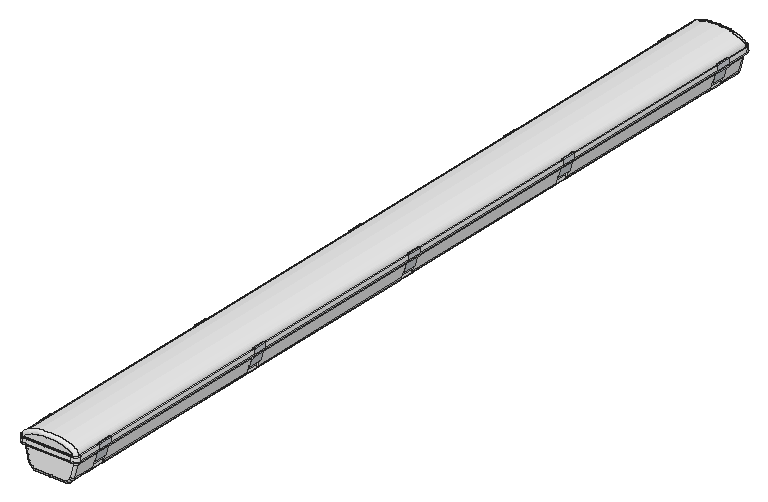
Revit family "0067974 Sylvania Lighting Fixture START Waterproof Twin 1500 IP65 7100lm 840 QC", category Lighting Fixtures, host Face, Revit 2016
Family settings
  Host = Face
  Part Type = Normal
  Round Connector Dimension = Use Diameter
  OmniClass Number = 23.80.70.11.14
  OmniClass Title = General Luminaries, Directional
  Cut with Voids When Loaded = No
  Light Source = Yes
  Shared = No
  Room Calculation Point = No
Parameters (values of type "0067974 ST WTRPRF T 1500 IP65 7100LM 840 QC")
  Width = 110 mm
  Weight = "2.44 kg"
  Wattage Comments = "n/a"
  Wattage = 58 W
  WarrantyStartDate [instance] = "n/a"
  WarrantyGuarantorParts = "n/a"
  WarrantyDurationUnit = "n/a"
  WarrantyDurationParts = "n/a"
  WarrantyDescription = "n/a"
  built-in parameter 1150110 = 1 (stored number, unit not read)
  Voltage = 0 V
  URL = "http://www.sylvania-lighting.com"
  TypeName = "START Waterproof Twin 1500 IP65 7100lm 840 QC"
  Type Image = <None>
  Type Comments = "n/a"
  built-in parameter 1114217 = 1 (stored number, unit not read)
  Tilt Angle = -90.00°
  built-in parameter 1150109 = 1 (stored number, unit not read)
  built-in parameter 1150134 = 12
  built-in parameter 1150113 = 1 (stored number, unit not read)
  SerialNumber [instance] = "n/a"
  ReflectorMaterial = none
  PowerFactor = 0
  PowerConsumption = "58 W"
  Photometric Web File = "0067974.ies"
  NominalWidth = 0 mm
  NominalLength = 1578 mm
  NominalHeight = 78 mm
  Name = "START Waterproof Twin 1500 IP65 7100lm 840 QC"
  ModelReference = "START Waterproof Twin 1500 IP65 7100lm 840 QC"
  ModelNumber = "0067974"
  Model = "START Waterproof Twin 1500 IP65 7100lm 840 QC"
  Material = "polycarbonate housing, polycarbonate diffuser"
  ManufacturerName = "Feilo Sylvania"
  Manufacturer = "Feilo Sylvania"
  LuminousEfficacy = "122 lm/W"
  built-in parameter 1150105 = 563.09 (stored number, unit not read)
  Lumens = 7076 lm
  LuminaireType = ""
  built-in parameter 1150115 = 1 (stored number, unit not read)
  LightOutputRatio = "n/a"
  built-in parameter 1150137 = (empty or 0)
  built-in parameter 1150139 = (empty or 0)
  Length = 1572 mm
  LampsType = Lamp  # "LED"
  LampNominalLuminous = "7050 lm"
  LampMacAdamStep = "n/a"
  LampColourTemperature = "4000 K"
  LampColourRenderingIndex = "80"
  built-in parameter 1150112 = 1 (stored number, unit not read)
  built-in parameter 1150114 = 1 (stored number, unit not read)
  Lamp = "LED"
  Keynote = "16500"
  InstallationDate [instance] = "n/a"
  InputVoltage = "n/a"
  InputNominalFrequency = "n/a"
  built-in parameter 1150132 = (empty or 0)
  built-in parameter 1150102 = (empty or 0)
  built-in parameter 1150107 = 4000 (stored number, unit not read)
  built-in parameter 1150138 = (empty or 0)
  IngressProtection = "IP65"
  ImpactProtectionIndex = "IK08"
  built-in parameter 1150106 = 5.6309 (stored number, unit not read)
  IfcExportType = "IfcLightFixtureType"
  IfcExportAs = "IfcLightFixtureType"
  ExpectedLife = 50000
  Emit from Rectangle Width = Width - 20 mm  # 90 mm
  Emit from Rectangle Length = Length - 20 mm  # 1552 mm
  Emit Shape Visible in Rendering = no
  ElectricShockClassification = "Class I"
  built-in parameter 1150104 = 11.334 (stored number, unit not read)
  DurationUnit = "hours"
  DocumentationLiterature = "http://www.sylvania-lighting.com/product/en-int/products/0067974"
  DimmingControlOptions = "n/a"
  Dimming Lamp Color Temperature Shift = <None>
  DiffuserMaterial = Diffuser-Sylvania-Transparent
  Description = ""
  Default Elevation = 1219.2 mm
  CreatedOn = "11/27/2018"
  CreatedBy = "@sylvania-lighting.com"
  Cost = 0
  Color Filter = 16777215
  built-in parameter 1114216 [instance] = (empty or 0)
  ClassificationValue = "EF_70_80"
  ClassificationName = "Uniclass2015"
  BodyMaterial = Body-Sylvania-Gray
  BarCode [instance] = "n/a"
  built-in parameter 1114218 = 1 (stored number, unit not read)
  built-in parameter 1150133 = 10 (stored number, unit not read)
  AssetType = "Fixed"
  AssetIdentifier [instance] = "n/a"
  Assembly Code = "D5020200"
  Apparent Load = 58 VA
  AccessoryMaterial = Diffuser-Sylvania-Glow
Reference planes
  plane 1 "Center (Front/Back)": y = 0
  plane 2: z = 0
  plane 3 "Center (Left/Right)": x = 0
  plane 4: z = 54
  plane 5: x = -27.7
  plane 6: x = -34.8
  plane 7: x = -39.6
  plane 8: x = -42.2
  plane 9: z = 3
  plane 10: z = 7.8
  plane 11: z = 12.3
  plane 12: z = 36.6
  plane 13: z = 42.8
  plane 14: x = -51.1
  plane 15: z = 46.2
  plane 16: x = -55
  plane 17: y = 786
  plane 18: y = -786
  plane 19: x = 27.7
  plane 20: x = 34.8
  plane 21: x = 39.6
  plane 22: x = 42.2
  plane 23: x = 51.1
  plane 24: x = 55
  plane 25: y = 778.4
  plane 26: y = -778.4
  plane 27: y = -774.7
  plane 28: y = 774.7
  plane 29: z = 74
  plane 30: x = -51.5
  plane 31: x = 51.5
  plane 32: z = 55.2
  plane 33: y = -782.5
  plane 34: y = 782.5
  plane 35: x = -37.5
  plane 36: x = 37.5
  plane 37: x = -48.7
  plane 38: x = 48.7
  plane 39: x = 18
  plane 40: x = -18
  plane 41: z = 50.2
  plane 42: z = 24.6
  plane 43: y = 720
  plane 44: y = 706
  plane 45: y = 734
  plane 46: y = -720
  plane 47: y = 720
  plane 48: y = 706
  plane 49: y = 734
  plane 50: y = -720
  plane 51: y = -734
  plane 52: y = -706
  plane 53: y = 360
  plane 54: y = 346
  plane 55: y = 374
  plane 56: y = 0
  plane 57: y = -14
  plane 58: y = 14
  plane 59: y = -360
  plane 60: y = -374
  plane 61: y = -346
Forms (mm)
  Sweep 1, solid, material "Body-Sylvania-Gray" <- "BodyMaterial", detail levels medium+fine
    path origin (1223.4, -4572, 54) x (0, -1, 0) y (1, 0, 0)
      loop
        arc (-3796, -1278.4) -> (-3788.929, -1275.471) -> (-3786, -1268.4) r 10
        line (-3786, -1268.4) -> (-3786, -1178.4)
        arc (-3786, -1178.4) -> (-3788.929, -1171.329) -> (-3796, -1168.4) r 10
        line (-3796, -1168.4) -> (-5348, -1168.4)
        arc (-5348, -1168.4) -> (-5355.071, -1171.329) -> (-5358, -1178.4) r 10
        line (-5358, -1178.4) -> (-5358, -1268.4)
        arc (-5358, -1268.4) -> (-5355.071, -1275.471) -> (-5348, -1278.4) r 10
        line (-5348, -1278.4) -> (-3796, -1278.4)
    profile origin (-55, 0, 54) x (-1, 0, 0) y (0, 0, 1)
      loop
        line (0, 0) -> (-1, 0) -> (-1, -7.726)
        arc (-1, -7.726) -> (-1.994, -9.498) -> (-3.9, -10.2) r 2.937
        line (-3.9, -10.2) -> (-8.571, -10.2) -> (-8.571, -11.2) -> (-3.9, -11.2)
        arc (-3.9, -11.2) -> (-1.313, -10.231) -> (0, -7.8) r 3.937
        line (0, -7.8) -> (0, 0)
  Sweep 2, solid, material "Body-Sylvania-Gray" <- "BodyMaterial", detail levels medium+fine
    path origin (0, 0, 0) x (1, 0, 0) y (0, 0, 1)
      loop
        line (48.7, 42.8) -> (48.7, 36.6) -> (42.203, 12.31)
        arc (42.203, 12.31) -> (41.199, 9.884) -> (39.6, 7.8) r 10.052
        line (39.6, 7.8) -> (34.8, 3)
        arc (34.8, 3) -> (31.554, 0.781) -> (27.7, 0) r 9.902
        line (27.7, 0) -> (0, 0) -> (-27.7, 0)
        arc (-27.7, 0) -> (-31.554, 0.781) -> (-34.8, 3) r 9.902
        line (-34.8, 3) -> (-39.6, 7.8)
        arc (-39.6, 7.8) -> (-41.199, 9.884) -> (-42.203, 12.31) r 10.052
        line (-42.203, 12.31) -> (-48.7, 36.6) -> (-48.7, 42.8)
    profile origin (0, 0, 0) x (0, 0, -1) y (0, -1, 0)
      loop
        arc (0, 773.4) -> (-1.464, 776.936) -> (-5, 778.4) r 5
        line (-5, 778.4) -> (-7.8, 778.4) -> (-7.8, -778.4) -> (-5, -778.4)
        arc (-5, -778.4) -> (-1.464, -776.936) -> (0, -773.4) r 5
        line (0, -773.4) -> (0, 773.4)
  Extrusion 3, solid, material "Body-Sylvania-Gray" <- "BodyMaterial", detail levels medium+fine
    sketch origin (1524, 778.4, 1219.2) x (1, 0, 0) y (0, 0, 1)
      loop
        arc (-1558.668, -1204.874) -> (-1558.443, -1205.418) -> (-1558.085, -1205.885) r 2.252
        line (-1558.085, -1205.885) -> (-1553.231, -1210.738)
        arc (-1553.231, -1210.738) -> (-1552.534, -1211.227) -> (-1551.7, -1211.4) r 2.102
        line (-1551.7, -1211.4) -> (-1496.3, -1211.4)
        arc (-1496.3, -1211.4) -> (-1495.466, -1211.227) -> (-1494.769, -1210.738) r 2.102
        line (-1494.769, -1210.738) -> (-1489.915, -1205.885)
        arc (-1489.915, -1205.885) -> (-1489.557, -1205.418) -> (-1489.332, -1204.874) r 2.252
        line (-1489.332, -1204.874) -> (-1483.1, -1181.575) -> (-1483.1, -1176.4) -> (-1564.9, -1176.4) -> (-1564.9, -1181.575) -> (-1558.668, -1204.874)
    from 0 to 1556.8
  Sweep 4, solid, material "Diffuser-Sylvania-Transparent" <- "DiffuserMaterial", detail levels medium+fine
    path origin (0, 0, 0) x (1, 0, 0) y (0, 0, 1)
      loop
        spline (-51.5, 55.2) -> (-49.745, 60.066) -> (-44.6, 64.6) -> (-36.416, 68.494) -> (-25.75, 71.481) -> (-13.329, 73.359) -> (0, 74) -> (13.329, 73.359) -> (25.75, 71.481) -> (36.416, 68.494) -> (44.6, 64.6) -> (49.745, 60.066) -> (51.5, 55.2)
    profile origin (51.5, 0, 55.2) x (0, -1, 0) y (1, 0, 0)
      loop
        arc (782.5, -5.5) -> (780.889, -1.611) -> (777, 0) r 5.5
        line (777, 0) -> (-777, 0)
        arc (-777, 0) -> (-780.889, -1.611) -> (-782.5, -5.5) r 5.5
        line (-782.5, -5.5) -> (-782.5, -6.3) -> (-781.5, -6.3) -> (-781.5, -5.5)
        arc (-781.5, -5.5) -> (-780.182, -2.318) -> (-777, -1) r 4.5
        line (-777, -1) -> (777, -1)
        arc (777, -1) -> (780.182, -2.318) -> (781.5, -5.5) r 4.5
        line (781.5, -5.5) -> (781.5, -6.347) -> (782.5, -6.347) -> (782.5, -5.5)
  Extrusion 5, solid, material "Diffuser-Sylvania-Transparent" <- "DiffuserMaterial", detail levels medium+fine
    sketch origin (1524, -782.5, 1219.2) x (1, 0, 0) y (0, 0, 1)
      loop
        line (-1569.653, -1164) -> (-1478.347, -1164)
        spline (-1478.347, -1164) -> (-1478.969, -1162.594) -> (-1482.527, -1159.545) -> (-1489.588, -1156.201) -> (-1499.458, -1153.445) -> (-1511.242, -1151.663) -> (-1524, -1151.049) -> (-1536.758, -1151.663) -> (-1548.542, -1153.445) -> (-1558.412, -1156.201) -> (-1565.473, -1159.545) -> (-1569.031, -1162.594) -> (-1569.653, -1164)
    from 0 to -1
  Extrusion 6, solid, material "Diffuser-Sylvania-Transparent" <- "DiffuserMaterial", detail levels medium+fine
    sketch origin (1524, 782.5, 1219.2) x (1, 0, 0) y (0, 0, 1)
      loop
        spline (-1478.3, -1164) -> (-1478.931, -1162.565) -> (-1482.502, -1159.505) -> (-1489.572, -1156.155) -> (-1499.446, -1153.394) -> (-1511.236, -1151.614) -> (-1524, -1151.007) -> (-1536.764, -1151.614) -> (-1548.554, -1153.394) -> (-1558.428, -1156.155) -> (-1565.498, -1159.505) -> (-1569.069, -1162.565) -> (-1569.7, -1164)
        line (-1569.7, -1164) -> (-1478.3, -1164)
    from 0 to 1
  Extrusion 7, solid, material "Diffuser-Sylvania-Transparent" <- "DiffuserMaterial", detail levels medium+fine
    sketch origin (1223.4, -4572, 55.2) x (0, -1, 0) y (-1, 0, 0)
      loop
        arc (-5353.5, 1177.4) -> (-5352.182, 1174.218) -> (-5349, 1172.9) r 4.5
        line (-5349, 1172.9) -> (-3795, 1172.9)
        arc (-3795, 1172.9) -> (-3791.818, 1174.218) -> (-3790.5, 1177.4) r 4.5
        line (-3790.5, 1177.4) -> (-3790.5, 1269.4)
        arc (-3790.5, 1269.4) -> (-3791.818, 1272.582) -> (-3795, 1273.9) r 4.5
        line (-3795, 1273.9) -> (-5349, 1273.9)
        arc (-5349, 1273.9) -> (-5352.182, 1272.582) -> (-5353.5, 1269.4) r 4.5
        line (-5353.5, 1269.4) -> (-5353.5, 1177.4)
      loop
        line (-5358, 1268.4) -> (-5358, 1178.4)
        arc (-5358, 1178.4) -> (-5355.071, 1171.329) -> (-5348, 1168.4) r 10
        line (-5348, 1168.4) -> (-3796, 1168.4)
        arc (-3796, 1168.4) -> (-3788.929, 1171.329) -> (-3786, 1178.4) r 10
        line (-3786, 1178.4) -> (-3786, 1268.4)
        arc (-3786, 1268.4) -> (-3788.929, 1275.471) -> (-3796, 1278.4) r 10
        line (-3796, 1278.4) -> (-5348, 1278.4)
        arc (-5348, 1278.4) -> (-5355.071, 1275.471) -> (-5358, 1268.4) r 10
    from 0 to 1.2
  Extrusion 8, solid, material "Diffuser-Sylvania-Glow" <- "AccessoryMaterial", detail levels fine
    sketch origin (0, 0, 0) x (1, 0, 0) y (0, 0, 1)
      loop
        circle (-18, 50.2) r 8
      loop
        circle (18, 50.2) r 8
    from -774.7 to 774.7
  Extrusion 9, void
    sketch origin (0, 720, 2343.807) x (0, 0, -1) y (-1, 0, 0)
      loop
        line (2340.807, -37.5) -> (2331.507, -37.5) -> (2319.207, -42.2) -> (2319.207, -48.7) -> (2340.807, -48.7) -> (2340.807, -37.5)
      loop
        line (2340.807, 37.5) -> (2340.807, 48.7) -> (2319.207, 48.7) -> (2319.207, 42.2) -> (2331.507, 37.5) -> (2340.807, 37.5)
    from -14 to 14
  Extrusion 10, solid, material "Body-Sylvania-Gray" <- "BodyMaterial", detail levels coarse
    sketch origin (0, 0, 0) x (1, 0, 0) y (0, 0, 1)
      loop
        line (55, 42.8) -> (55, 55.2) -> (-55, 55.2) -> (-55, 42.791) -> (-42.2, 0) -> (42.2, 0) -> (55, 42.8)
    from -786 to 786
  Extrusion 11, solid, material "Diffuser-Sylvania-Transparent" <- "DiffuserMaterial", detail levels coarse
    sketch origin (0, 0, 0) x (1, 0, 0) y (0, 0, 1)
      loop
        arc (51.5, 55.2) -> (0, 74) -> (-51.5, 55.2) r 79.939
        line (-51.5, 55.2) -> (51.5, 55.2)
    from 778.4 to -778.4
  Extrusion 12, void, not visible
    sketch origin (0, 720, 2343.807) x (0, 0, -1) y (-1, 0, 0)
      loop
        line (2340.807, -37.5) -> (2331.507, -37.5) -> (2319.207, -42.2) -> (2319.207, -48.7) -> (2340.807, -48.7) -> (2340.807, -37.5)
      loop
        line (2340.807, 37.5) -> (2340.807, 48.7) -> (2319.207, 48.7) -> (2319.207, 42.2) -> (2331.507, 37.5) -> (2340.807, 37.5)
    from -14 to 14
  Extrusion 13, void
    sketch origin (0, -720, 2343.807) x (0, 0, -1) y (-1, 0, 0)
      loop
        line (2340.807, -37.5) -> (2331.507, -37.5) -> (2319.207, -42.2) -> (2319.207, -48.7) -> (2340.807, -48.7) -> (2340.807, -37.5)
      loop
        line (2340.807, 37.5) -> (2340.807, 48.7) -> (2319.207, 48.7) -> (2319.207, 42.2) -> (2331.507, 37.5) -> (2340.807, 37.5)
    from -14 to 14
  Extrusion 14, void
    sketch origin (0, 360, 2343.807) x (0, 0, -1) y (-1, 0, 0)
      loop
        line (2340.807, -37.5) -> (2331.507, -37.5) -> (2319.207, -42.2) -> (2319.207, -48.7) -> (2340.807, -48.7) -> (2340.807, -37.5)
      loop
        line (2340.807, 37.5) -> (2340.807, 48.7) -> (2319.207, 48.7) -> (2319.207, 42.2) -> (2331.507, 37.5) -> (2340.807, 37.5)
    from -14 to 14
  Extrusion 15, void
    sketch origin (0, 0, 2343.807) x (0, 0, -1) y (-1, 0, 0)
      loop
        line (2340.807, -37.5) -> (2331.507, -37.5) -> (2319.207, -42.2) -> (2319.207, -48.7) -> (2340.807, -48.7) -> (2340.807, -37.5)
      loop
        line (2340.807, 37.5) -> (2340.807, 48.7) -> (2319.207, 48.7) -> (2319.207, 42.2) -> (2331.507, 37.5) -> (2340.807, 37.5)
    from -14 to 14
  Extrusion 16, void
    sketch origin (0, -360, 2343.807) x (0, 0, -1) y (-1, 0, 0)
      loop
        line (2340.807, -37.5) -> (2331.507, -37.5) -> (2319.207, -42.2) -> (2319.207, -48.7) -> (2340.807, -48.7) -> (2340.807, -37.5)
      loop
        line (2340.807, 37.5) -> (2340.807, 48.7) -> (2319.207, 48.7) -> (2319.207, 42.2) -> (2331.507, 37.5) -> (2340.807, 37.5)
    from -14 to 14
Cuts and joins
  Extrusion 9, Extrusion 13, Extrusion 14, Extrusion 15, Extrusion 16 cuts Sweep 2
  Extrusion 13, Extrusion 14, Extrusion 15, Extrusion 16 cuts Extrusion 3
  joined: Sweep 2, Extrusion 3
  joined: Sweep 4, Extrusion 5, Extrusion 6
Dimensions and locks
  locked: plane 4 to plane 2 at 54
  plane 5 to plane 6 to plane 7 to plane 8 to plane 14 to plane 16 = 7.1 mm locked, 4.8 mm locked, 2.6 mm locked, 8.9 mm, 3.9 mm
  plane 4 to plane 15 to plane 13 to plane 12 to plane 11 to plane 10 to plane 9 = 7.8 mm locked, 3.4 mm, 6.2 mm locked, 24.3 mm locked, 4.5 mm locked, 4.8 mm locked
  equal spacing: plane 18, plane 1 "Center (Front/Back)", plane 17
  "Length": plane 18 to plane 17
  plane 19 to plane 20 to plane 21 to plane 22 to plane 23 to plane 24 = 7.1 mm locked, 4.8 mm locked, 2.6 mm locked, 8.9 mm, 3.9 mm
  equal spacing: plane 24, plane 3 "Center (Left/Right)", plane 16
  "Width": plane 24 to plane 16
  equal spacing: plane 27, plane 1 "Center (Front/Back)", plane 28
  locked: plane 26 to plane 27 at 3.7
  locked: Sweep 1 sketch curve to profile plane at 1
  locked: Sweep 1 sketch curve to plane 13 at 1
  locked: Sweep 1 sketch curve to plane 13 at 3.937  (x2)
  locked: Sweep 1 sketch curve to profile plane at 3.9  (x2)
  locked: plane 29 to plane 4 at 20
  equal spacing: plane 31, plane 3 "Center (Left/Right)", plane 30
  locked: plane 30 to plane 16 at 3.5
  locked: plane 32 to plane 4 at 1.2
  equal spacing: plane 33, plane 1 "Center (Front/Back)", plane 34
  equal spacing: plane 36, plane 3 "Center (Left/Right)", plane 35
  locked: plane 3 "Center (Left/Right)" to plane 35 at 37.5
  locked: plane 34 to plane 17 at 3.5
  equal spacing: plane 38, plane 3 "Center (Left/Right)", plane 37
  locked: plane 37 to plane 16 at 6.3
  equal spacing: plane 25, plane 1 "Center (Front/Back)", plane 26
  locked: plane 17 to plane 25 at 7.6
  locked: Sweep 2 sketch curve to plane 2 at 5  (x2)
  locked: Sweep 2 sketch curve to plane 26 at 5
  locked: plane 25 to Sweep 2 sketch curve at 5
  locked: Sweep 4 sketch curve to plane 31 at 5.5  (x2)
  locked: Sweep 4 sketch curve to plane 34 at 5.5
  plane 33 to Sweep 4 sketch curve = 5.5 mm
  locked: plane 34 to Sweep 4 sketch curve at 1
  locked: Sweep 4 sketch curve to plane 31 at 1
  locked: Sweep 4 sketch curve to Sweep 4 sketch curve at 1
  locked: Sweep 4 sketch curve to plane 31 at 6.347
  locked: Sweep 4 sketch curve to plane 31 at 6.3
  equal spacing: plane 39, plane 3 "Center (Left/Right)", plane 40
  locked: plane 3 "Center (Left/Right)" to plane 40 at 18
  locked: plane 42 to plane 2 at 24.6
  plane 45 to plane 43 to plane 44 = 14 mm locked, 14 mm locked
  locked: plane 17 to plane 43 at 66
  equal spacing: plane 43, plane 1 "Center (Front/Back)", plane 46
  plane 49 to plane 47 to plane 48 = 14 mm locked, 14 mm locked
  plane 52 to plane 50 to plane 51 = 14 mm locked, 14 mm locked  (x2)
  equal spacing: group 1, group 6, group 7, group 8, group 5  (x2)
  equal spacing: group 5, group 8, group 7, group 6, group 1
  plane 55 to plane 53 to plane 54 = 14 mm locked, 14 mm locked  (x2)
  plane 58 to plane 56 to plane 57 = 14 mm locked, 14 mm locked  (x2)
  plane 61 to plane 59 to plane 60 = 14 mm locked, 14 mm locked  (x2)
  plane 43 to plane 53 to plane 1 "Center (Front/Back)" to plane 59 to plane 50 = 360 mm locked, 360 mm locked, 360 mm locked, 360 mm locked
  aligned and locked: plane 2 to host face
  aligned and locked: level to host face
  aligned and locked: plane 16 to Sweep 1 sketch curve
  aligned and locked: Sweep 1 sketch curve to plane 24
  aligned and locked: plane 18 to Sweep 1 sketch curve
  aligned and locked: Sweep 1 sketch curve to plane 13
  aligned and locked: profile plane to Sweep 1 sketch curve
  aligned and locked: plane 3 "Center (Left/Right)" to Sweep 2 sketch curve
  aligned and locked: plane 9 to Sweep 2 sketch curve
  aligned and locked: plane 10 to Sweep 2 sketch curve
  aligned and locked: plane 37 to Sweep 2 sketch curve
  aligned and locked: plane 12 to Sweep 2 sketch curve
  aligned and locked: Sweep 2 sketch curve to level
  aligned and locked: plane 21 to Sweep 2 sketch curve
  aligned and locked: plane 38 to Sweep 2 sketch curve
  aligned and locked: profile plane to Sweep 2 sketch curve
  aligned and locked: plane 25 to Sweep 2 sketch curve
  aligned and locked: Sweep 2 sketch curve to plane 10
  aligned and locked: Extrusion 3 sketch curve to Sweep 2  (x7)
  aligned and locked: Sweep 2 to Extrusion 3 sketch curve
  aligned and locked: Extrusion 3 to plane 25
  aligned and locked: plane 26 to Extrusion 3
  aligned and locked: plane 32 to Sweep 4 sketch curve
  aligned and locked: plane 33 to Sweep 4 sketch curve
  aligned and locked: Sweep 4 to Extrusion 5
  aligned and locked: plane 33 to Extrusion 5
  aligned and locked: Extrusion 5 sketch curve to Sweep 4
  aligned and locked: cut or joined group of Sweep 4, Extrusion 5, Extrusion 6 to Extrusion 6 sketch curve
  aligned and locked: Extrusion 7 sketch curve to cut or joined group of Sweep 4, Extrusion 5, Extrusion 6  (x2)
  aligned and locked: cut or joined group of Sweep 4, Extrusion 5, Extrusion 6 to Extrusion 7 sketch curve  (x2)
  aligned and locked: plane 41 to Extrusion 8 sketch curve  (x2)
  aligned and locked: plane 39 to Extrusion 8 sketch curve
  aligned and locked: plane 27 to Extrusion 8
  aligned and locked: Extrusion 8 to plane 28
  aligned and locked: Extrusion 9 to plane 42
  aligned and locked: plane 9 to Extrusion 9
  aligned and locked: plane 44 to Extrusion 9
  aligned and locked: Extrusion 9 to plane 45
  aligned and locked: Extrusion 7 sketch curve to Sweep 1  (x4)
  aligned and locked: plane 4 to Extrusion 7
  aligned and locked: Extrusion 7 to plane 32
  aligned and locked: nested 2 to plane 43
  aligned and locked: plane 43 to nested 1
  aligned and locked: Extrusion 10 sketch curve to plane 24
  aligned and locked: Extrusion 10 sketch curve to Extrusion 7
  aligned and locked: plane 8 to Extrusion 10 sketch curve
  aligned and locked: plane 22 to Extrusion 10 sketch curve
  aligned and locked: level to Extrusion 10 sketch curve
  aligned and locked: Extrusion 10 to plane 17
  aligned and locked: plane 18 to Extrusion 10
  aligned and locked: cut or joined group of Sweep 4, Extrusion 5, Extrusion 6 to Extrusion 11 sketch curve
  aligned and locked: Extrusion 11 sketch curve to cut or joined group of Sweep 4, Extrusion 5, Extrusion 6  (x2)
  aligned and locked: plane 31 to Extrusion 11 sketch curve
  aligned and locked: plane 30 to Extrusion 11 sketch curve
  aligned and locked: plane 26 to Extrusion 11
  aligned and locked: Extrusion 11 to plane 25
  aligned and locked: imposter light to plane 29
  aligned and locked: plane 3 "Center (Left/Right)" to imposter light
  aligned and locked: plane 1 "Center (Front/Back)" to imposter light
  aligned and locked: plane 51 to Extrusion 13
  aligned and locked: Extrusion 13 to plane 52
  aligned and locked: plane 54 to Extrusion 14
  aligned and locked: Extrusion 14 to plane 55
  aligned and locked: plane 57 to Extrusion 15
  aligned and locked: Extrusion 15 to plane 58
  aligned and locked: plane 60 to Extrusion 16
  aligned and locked: Extrusion 16 to plane 61
  aligned and locked: nested 3 to plane 53
  aligned and locked: plane 53 to nested 10
  aligned and locked: nested 4 to plane 56
  aligned and locked: plane 56 to nested 9
  aligned and locked: nested 5 to plane 59
  aligned and locked: plane 59 to nested 8
  aligned and locked: nested 6 to plane 50
  aligned and locked: plane 50 to nested 7
Automatic sketch dimensions
  host sketch curve to host sketch curve = 2438.4 mm  (x2)
  plane 17 to Sweep 1 sketch curve = 0 mm
  Sweep 1 sketch curve to plane 28 = 1.3 mm
  Sweep 1 sketch curve to plane 7 = 5.4 mm
  plane 27 to Sweep 1 sketch curve = 1.3 mm  (x2)
  Sweep 1 sketch curve to Sweep 1 sketch curve = 4.671 mm
  Sweep 1 sketch curve to plane 4 = 0 mm
  Sweep 2 sketch curve to plane 7 = 0 mm
  Sweep 2 sketch curve to plane 6 = 0 mm
  Sweep 2 sketch curve to plane 5 = 0 mm
  plane 19 to Sweep 2 sketch curve = 0 mm
  Sweep 2 sketch curve to plane 9 = 0 mm
  plane 20 to Sweep 2 sketch curve = 0 mm
  Sweep 2 sketch curve to plane 12 = 0 mm
  Sweep 2 sketch curve to plane 10 = 0 mm
  Sweep 2 sketch curve to plane 13 = 0 mm  (x2)
  Sweep 2 sketch curve to plane 8 = 0.003 mm
  plane 6 to Sweep 2 sketch curve = 2.308 mm
  plane 20 to Sweep 2 sketch curve = 2.308 mm
  Sweep 2 sketch curve to plane 22 = 0.003 mm
  Sweep 2 sketch curve to plane 11 = 0.01 mm  (x2)
  Extrusion 3 sketch curve to plane 5 = 0 mm
  plane 19 to Extrusion 3 sketch curve = 0 mm
  plane 6 to Extrusion 3 sketch curve = 0.132 mm
  plane 6 to Extrusion 3 sketch curve = 0.715 mm
  Extrusion 3 sketch curve to Extrusion 3 sketch curve = 1.592 mm
  Extrusion 3 sketch curve to plane 10 = 0.662 mm  (x2)
  plane 20 to Extrusion 3 sketch curve = 2.308 mm
  plane 20 to Extrusion 3 sketch curve = 0.715 mm
  plane 20 to Extrusion 3 sketch curve = 0.132 mm
  Sweep 4 sketch curve to plane 30 = 0 mm
  Sweep 4 sketch curve to plane 3 "Center (Left/Right)" = 0 mm
  Sweep 4 sketch curve to Sweep 4 sketch curve = 0 mm  (x2)
  plane 37 to Extrusion 5 sketch curve = 3.047 mm
  Extrusion 5 sketch curve to plane 38 = 3.047 mm
  plane 37 to Extrusion 6 sketch curve = 3 mm
  Extrusion 6 sketch curve to plane 38 = 3 mm
  plane 25 to Extrusion 7 sketch curve = 1.4 mm  (x2)
  Extrusion 7 sketch curve to plane 26 = 1.4 mm  (x2)
  Extrusion 8 sketch curve to plane 40 = 0 mm
  Extrusion 9 sketch curve to Extrusion 9 sketch curve = 0 mm
  Extrusion 9 sketch curve to Extrusion 9 sketch curve = 12.3 mm  (x2)
  Extrusion 9 sketch curve to Extrusion 9 sketch curve = 9.3 mm  (x2)
  Extrusion 9 sketch curve to Extrusion 9 sketch curve = 6.5 mm
  Extrusion 9 sketch curve to Extrusion 9 sketch curve = 4.7 mm  (x2)
  Extrusion 9 sketch curve to Extrusion 9 sketch curve = 75 mm
  Extrusion 9 sketch curve to Extrusion 9 sketch curve = 11.2 mm
  Extrusion 10 sketch curve to plane 13 = 0 mm
  plane 13 to Extrusion 10 sketch curve = 0.009 mm
  Extrusion 11 sketch curve to level = 5.939 mm
  Extrusion 10 sketch curve to plane 16 = 0 mm
  Extrusion 12 sketch curve to Extrusion 12 sketch curve = 0 mm
  Extrusion 12 sketch curve to Extrusion 12 sketch curve = 12.3 mm  (x2)
  Extrusion 12 sketch curve to Extrusion 12 sketch curve = 9.3 mm  (x2)
  Extrusion 12 sketch curve to Extrusion 12 sketch curve = 6.5 mm
  Extrusion 12 sketch curve to Extrusion 12 sketch curve = 4.7 mm  (x2)
  Extrusion 12 sketch curve to Extrusion 12 sketch curve = 75 mm
  Extrusion 12 sketch curve to Extrusion 12 sketch curve = 11.2 mm
  Extrusion 13 sketch curve to Extrusion 13 sketch curve = 0 mm
  Extrusion 13 sketch curve to Extrusion 13 sketch curve = 12.3 mm  (x2)
  Extrusion 13 sketch curve to Extrusion 13 sketch curve = 9.3 mm  (x2)
  Extrusion 13 sketch curve to Extrusion 13 sketch curve = 6.5 mm
  Extrusion 13 sketch curve to Extrusion 13 sketch curve = 4.7 mm  (x2)
  Extrusion 13 sketch curve to Extrusion 13 sketch curve = 75 mm
  Extrusion 13 sketch curve to Extrusion 13 sketch curve = 11.2 mm
  Extrusion 14 sketch curve to Extrusion 14 sketch curve = 0 mm
  Extrusion 14 sketch curve to Extrusion 14 sketch curve = 12.3 mm  (x2)
  Extrusion 14 sketch curve to Extrusion 14 sketch curve = 9.3 mm  (x2)
  Extrusion 14 sketch curve to Extrusion 14 sketch curve = 6.5 mm
  Extrusion 14 sketch curve to Extrusion 14 sketch curve = 4.7 mm  (x2)
  Extrusion 14 sketch curve to Extrusion 14 sketch curve = 75 mm
  Extrusion 14 sketch curve to Extrusion 14 sketch curve = 11.2 mm
  Extrusion 15 sketch curve to Extrusion 15 sketch curve = 0 mm
  Extrusion 15 sketch curve to Extrusion 15 sketch curve = 12.3 mm  (x2)
  Extrusion 15 sketch curve to Extrusion 15 sketch curve = 9.3 mm  (x2)
  Extrusion 15 sketch curve to Extrusion 15 sketch curve = 6.5 mm
  Extrusion 15 sketch curve to Extrusion 15 sketch curve = 4.7 mm  (x2)
  Extrusion 15 sketch curve to Extrusion 15 sketch curve = 75 mm
  Extrusion 15 sketch curve to Extrusion 15 sketch curve = 11.2 mm
  Extrusion 16 sketch curve to Extrusion 16 sketch curve = 0 mm
  Extrusion 16 sketch curve to Extrusion 16 sketch curve = 12.3 mm  (x2)
  Extrusion 16 sketch curve to Extrusion 16 sketch curve = 9.3 mm  (x2)
  Extrusion 16 sketch curve to Extrusion 16 sketch curve = 6.5 mm
  Extrusion 16 sketch curve to Extrusion 16 sketch curve = 4.7 mm  (x2)
  Extrusion 16 sketch curve to Extrusion 16 sketch curve = 75 mm
  Extrusion 16 sketch curve to Extrusion 16 sketch curve = 11.2 mm
  radius of Extrusion 8 sketch curve = 8 mm  (x2)
Nested families
  nested 1: "Clip" at (42.2, 720, 24.6), type "Clip", detail levels fine
  nested 2: "Clip" at (-42.2, 720, 24.6) x (-1, 0, 0) z (0, 0, 1), type "Clip", detail levels fine
  nested 3: "Clip" at (-42.2, 360, 24.6) x (-1, 0, 0) z (0, 0, 1), type "Clip", detail levels fine
  nested 4: "Clip" at (-42.2, 0, 24.6) x (-1, 0, 0) z (0, 0, 1), type "Clip", detail levels fine
  nested 5: "Clip" at (-42.2, -360, 24.6) x (-1, 0, 0) z (0, 0, 1), type "Clip", detail levels fine
  nested 6: "Clip" at (-42.2, -720, 24.6) x (-1, 0, 0) z (0, 0, 1), type "Clip", detail levels fine
  nested 7: "Clip" at (42.2, -720, 24.6), type "Clip", detail levels fine
  nested 8: "Clip" at (42.2, -360, 24.6), type "Clip", detail levels fine
  nested 9: "Clip" at (42.2, 0, 24.6), type "Clip", detail levels fine
  nested 10: "Clip" at (42.2, 360, 24.6), type "Clip", detail levels fine
Connectors
  electrical at (0, 0, 0), driven by "Apparent Load"
    settings: index 1, voltage 230 V, apparent load 58 VA, apparent load phase1 0 VA, apparent load phase2 0 VA, apparent load phase3 0 VA, power factor 0, load classification "Lighting", number of poles 1, system type 30, power factor state 1, is connector primary yes, connector utility no, sub classification motor no, connector description ""
Definition of nested family "Clip"
  Parameters (values of type "Clip")
    URL = "http://www.feilosylvania.com"
    Type Comments = "n/a"
    Model = "n/a"
    Manufacturer = "Feilo Sylvania"
    Keynote = "n/a"
    Description = "n/a"
    Default Elevation = 1219.2 mm
    Cost = 0
    BodyMaterial = none
    Assembly Code = "n/a"
  Reference planes
    plane 1 "Center (Front/Back)": y = 0
    plane 2: z = 0
    plane 3 "Center (Left/Right)": x = 0
    plane 4: x = 3.3
    plane 5: x = 6.5
    plane 6: x = 8.9
    plane 7: x = 12.8
    plane 8: z = 12
    plane 9: z = 18.2
    plane 10: z = 21.6
    plane 11: z = 30.6
    plane 12: x = 9.3
    plane 13: z = 19.2
    plane 14: z = 16.2
    plane 15: x = 10.1
    plane 16: y = 12
    plane 17: y = -12
  Forms (mm)
    Extrusion 1, solid
      sketch origin (-0.8, 0, 0) x (1, 0, 0) y (0, 1, 0)
        loop
          line (-1219.2, 1219.2) -> (-1219.2, -1219.2) -> (1219.2, -1219.2) -> (1219.2, 1219.2) -> (-1219.2, 1219.2)
      from 0 to -304.8
    Extrusion 2, solid
      sketch origin (0, 0, 0) x (1, 0, 0) y (0, 0, 1)
        loop
          line (8.9, 16.2) -> (4.58, 0) -> (0, 0) -> (0, -0.8) -> (5.195, -0.8) -> (9.603, 15.731) -> (13.6, 18.806) -> (13.6, 30.6)
          arc (13.6, 30.6) -> (11.45, 32.75) -> (9.3, 30.6) r 2.15
          line (9.3, 30.6) -> (10.1, 30.6)
          arc (10.1, 30.6) -> (11.45, 31.95) -> (12.8, 30.6) r 1.35
          line (12.8, 30.6) -> (12.8, 19.2) -> (8.9, 16.2)
      from -12 to 12
  Lines and regions (mm)
    reference lines
      curve 1: line (3.3, 0, 0) -> (6.5, 0, 12)
      curve 2: arc (8.9, 0, 18.2) -> (11.488, 0, 19.169) -> (12.8, 0, 21.6) r 3.934
  Dimensions and locks
    plane 7 to plane 6 to plane 5 to plane 4 to plane 3 "Center (Left/Right)" = 3.9 mm locked, 2.4 mm locked, 3.2 mm locked, 3.3 mm locked
    plane 11 to plane 10 to plane 9 to plane 8 to plane 2 = 9 mm locked, 3.4 mm locked, 6.2 mm locked, 12 mm locked
    locked: plane 7 to plane 12 at 3.5
    locked: plane 13 to plane 9 at 1
    locked: plane 9 to plane 14 at 2
    locked: plane 15 to plane 12 at 0.8
    locked: plane 2 to Extrusion 2 sketch curve at 0.8
    locked: Extrusion 2 sketch curve to Extrusion 2 sketch curve at 0.8  (x3)
    locked: plane 7 to Extrusion 2 sketch curve at 1.35
    equal spacing: plane 17, plane 1 "Center (Front/Back)", plane 16
    locked: plane 1 "Center (Front/Back)" to plane 16 at 12
    aligned and locked: plane 2 to Extrusion 1
    aligned and locked: level to Extrusion 1
    aligned and locked: plane 4 to curve 1
    aligned and locked: plane 5 to curve 1
    aligned and locked: plane 6 to curve 2
    aligned and locked: plane 10 to curve 2
    aligned and locked: plane 14 to Extrusion 2 sketch curve
    aligned and locked: plane 13 to Extrusion 2 sketch curve
    aligned and locked: plane 7 to Extrusion 2 sketch curve
    aligned and locked: plane 3 "Center (Left/Right)" to Extrusion 2 sketch curve
    aligned and locked: Extrusion 2 sketch curve to level
    aligned and locked: Extrusion 2 sketch curve to plane 11
    aligned and locked: plane 11 to Extrusion 2 sketch curve
    aligned and locked: Extrusion 2 to plane 16
    aligned and locked: plane 17 to Extrusion 2
  Automatic sketch dimensions
    Extrusion 1 sketch curve to Extrusion 1 sketch curve = 2438.4 mm  (x2)
    curve 2 to plane 7 = 0 mm
    curve 1 to level = 0 mm
    curve 1 to plane 8 = 0 mm
    curve 2 to plane 9 = 0 mm
    plane 6 to curve 2 = 0.002 mm
    Extrusion 2 sketch curve to Extrusion 2 sketch curve = 0 mm
    Extrusion 2 sketch curve to plane 6 = 0 mm
    plane 4 to Extrusion 2 sketch curve = 1.28 mm
